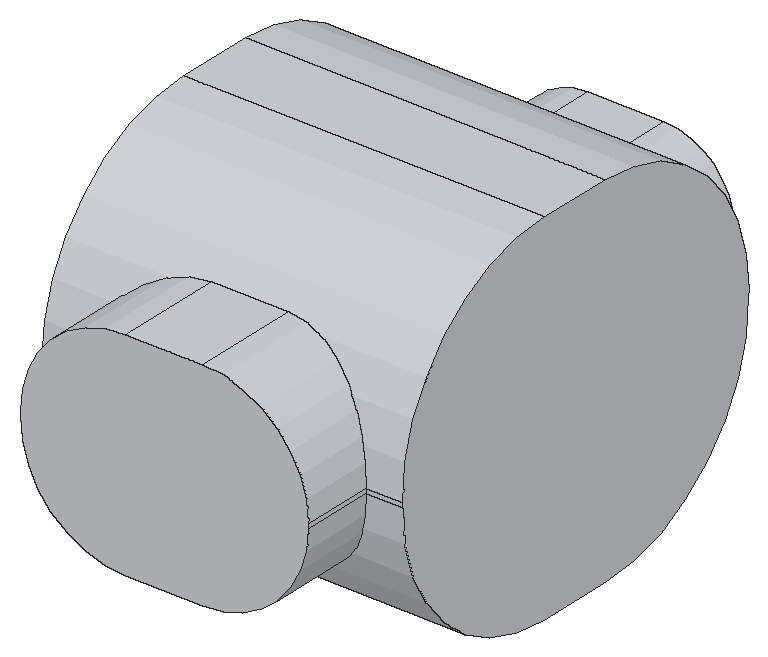
Revit family "椭圆形四通 - 倾斜", category 风管管件, Revit 2020
Family settings
  圆形连接件大小 = 使用直径
  零件类型 = 斜四通
  OmniClass 编号 = 23.75.70.14
  OmniClass 标题 = Air Ductwork
  Seek 项目 ID = Oval Cross - Lateral-0000-CAN-ENU
  基于工作平面 = 否
  总是垂直 = 是
  加载时剪切的空心 = 否
  共享 = 否
Parameters (values of type "标准")
  默认高程 = 0 mm
  宽度 [instance] = if(风管宽度 3 > 风管宽度 4, 风管宽度 3 / 2, 风管宽度 4 / 2)  # 100 mm
  肩部长度 4 [instance] = 50 mm
  肩部长度 3 [instance] = 50 mm
  肩部长度 1 [instance] = 25 mm
  半径 2 [instance] = if(角度 < 90.00°, 0.397 mm, 风管宽度 1 * 2)  # 600 mm
  半径 1 [instance] = if(角度 > 90.00°, 0.397 mm, 风管宽度 1 * 2)  # 600 mm
  长度 7 [instance] = abs(长度 6 - 长度 2)  # 125 mm
  长度 5 [instance] = if(长度 1 > 长度 2, 长度 1, 长度 2)  # 18125 mm
  长度 4 [instance] = 2 * 宽度 / sin(角度) + 肩部长度 1 * 2  # 250 mm
  长度 3 [instance] = if(角度 = 90.00°, 宽度 / sin(角度) + 肩部长度 1, 0.5 * 风管宽度 1 / (tan(角度)) + 宽度 / sin(角度) + 肩部长度 1)  # 125 mm
  长度 6 [instance] = 18000 mm  # constant formula
  长度 2 [instance] = 长度 6 + (长度 3 - 长度 4)  # 17875 mm
  长度 1 [instance] = 长度 3 + 长度 6  # 18125 mm
  支管长度 4 [instance] = if(角度 = 90.00°, 风管宽度 1 / 2 + 肩部长度 4, 风管宽度 1 / (2 * sin(角度)) + 风管宽度 4 / (2 * abs(tan(角度))) + 肩部长度 4)  # 200 mm
  支管长度 3 [instance] = if(角度 = 90.00°, 风管宽度 1 / 2 + 肩部长度 3, 风管宽度 1 / (2 * sin(角度)) + 风管宽度 3 / (2 * abs(tan(角度))) + 肩部长度 3)  # 200 mm
  风管宽度 4 [instance] = 150 mm
  风管宽度 3 [instance] = 200 mm
  风管宽度 1 [instance] = 300 mm
  风管高度 4 [instance] = 100 mm
  风管高度 3 [instance] = 150 mm
  风管高度 1 [instance] = 250 mm
  角度 [instance] = 90.00°
Reference planes
  plane 1 "中心(前/后)": y = 0
  plane 2: z = 0
  plane 3 "中心(左/右)": x = 0
  plane 4: x = -18000
  plane 5: x = 125
  plane 6: x = -125
Forms (mm)
  Sweep 1, solid, detail levels medium+fine
    path origin (0, 0, 0) x (1, 0, 0) y (0, 1, 0)
      loop
        line (-125, 0) -> (125, 0)
    profile "M_风管 - 椭圆形 : 风管 - 椭圆形 1" origin (0, 0, 0) x (0, 1, 0) y (0, 0, 1)
      loop
        line (-150, 1.588) -> (-150, -1.587)
        arc (-150, -1.587) -> (-113.853, -88.853) -> (-26.587, -125) r 123.413
        line (-26.587, -125) -> (26.588, -125)
        arc (26.588, -125) -> (113.853, -88.853) -> (150, -1.587) r 123.413
        line (150, -1.587) -> (150, 1.587)
        arc (150, 1.587) -> (113.853, 88.853) -> (26.588, 125) r 123.413
        line (26.588, 125) -> (-26.588, 125)
        arc (-26.588, 125) -> (-113.853, 88.853) -> (-150, 1.588) r 123.413
  Sweep 2, solid, detail levels medium+fine
    path in 3D
      loop
        line (0, 0, 0) -> (0, -200, 0)
    profile "M_风管 - 椭圆形 : 风管 - 椭圆形 3" origin (0, -100, 0) x (1, 0, 0) y (0, 0, 1)
      loop
        line (-100, 1.588) -> (-100, -1.587)
        arc (-100, -1.587) -> (-78.498, -53.498) -> (-26.587, -75) r 73.413
        line (-26.587, -75) -> (26.588, -75)
        arc (26.588, -75) -> (78.498, -53.498) -> (100, -1.587) r 73.413
        line (100, -1.587) -> (100, 1.587)
        arc (100, 1.587) -> (78.498, 53.498) -> (26.588, 75) r 73.413
        line (26.588, 75) -> (-26.588, 75)
        arc (-26.588, 75) -> (-78.498, 53.498) -> (-100, 1.588) r 73.413
  Sweep 3, solid, detail levels medium+fine
    path in 3D
      loop
        line (0, 0, 0) -> (0, 200, 0)
    profile "M_风管 - 椭圆形 : 风管 - 椭圆形 4" origin (0, 100, 0) x (-1, 0, 0) y (0, 0, 1)
      loop
        line (-75, 1.588) -> (-75, -1.587)
        arc (-75, -1.587) -> (-60.82, -35.82) -> (-26.587, -50) r 48.413
        line (-26.587, -50) -> (26.588, -50)
        arc (26.588, -50) -> (60.82, -35.82) -> (75, -1.587) r 48.413
        line (75, -1.587) -> (75, 1.587)
        arc (75, 1.587) -> (60.82, 35.82) -> (26.588, 50) r 48.413
        line (26.588, 50) -> (-26.587, 50)
        arc (-26.587, 50) -> (-60.82, 35.82) -> (-75, 1.588) r 48.413
  Sweep 4, void
    path in 3D
      loop
        line (-125, 0, 0) -> (-18125, 0, 0)
    profile origin (-9125, 0, 0) x (0, -1, 0) y (0, 0, 1)
      loop
        circle (0, 0) r 600
  Sweep 5, void
    path in 3D
      loop
        line (125, 0, 0) -> (18125, 0, 0)
    profile origin (9125, 0, 0) x (0, 1, 0) y (0, 0, 1)
      loop
        circle (0, 0) r 600
Cuts and joins
  Sweep 4, Sweep 5 cuts Sweep 2
  Sweep 4, Sweep 5 cuts Sweep 3
  joined: Sweep 1, Sweep 2, Sweep 3
Lines and regions (mm)
  model lines, detail levels coarse
    curve 1: line (0, 0, 0) -> (0, -200, 0)
    curve 3: line (0, 0, 0) -> (0, 200, 0)
    curve 5: line (-125, 0, 0) -> (125, 0, 0)
  sketch lines
    curve 2: line (0, 0, 0) -> (0, -200, 0)
    curve 4: line (0, 0, 0) -> (0, 200, 0)
    curve 7: line (-125, 0, 0) -> (-18125, 0, 0)
    curve 9: line (125, 0, 0) -> (18125, 0, 0)
  reference lines
    curve 6: line (-125, 0, 0) -> (-18125, 0, 0)
    curve 8: line (125, 0, 0) -> (18125, 0, 0)
Dimensions and locks
  "支管长度 3": curve 1 to curve 1
  "支管长度 4": curve 3 to curve 3
  "长度 6": plane 4 to plane 3 "中心(左/右)"
  "长度 1": plane 4 to plane 5
  "长度 2": plane 4 to plane 6
  "长度 6": curve 6 to curve 6
  "长度 6": curve 8 to curve 8
  "半径 1": radius of Sweep 4 sketch curve
  "半径 2": radius of Sweep 5 sketch curve
  "角度": angle curve 1 to plane 1 "中心(前/后)"
  "角度": angle plane 1 "中心(前/后)" to curve 3
  aligned and locked: plane 1 "中心(前/后)" to curve 3
  aligned and locked: plane 1 "中心(前/后)" to curve 5
  aligned and locked: plane 5 to curve 5
  aligned and locked: plane 6 to curve 5
  aligned and locked: Sweep 1 sketch curve to curve 5
  aligned and locked: plane 6 to curve 6
  aligned and locked: curve 6 to plane 1 "中心(前/后)"
  aligned and locked: plane 1 "中心(前/后)" to Sweep 4 sketch curve
  aligned and locked: plane 2 to Sweep 4 sketch curve
  aligned and locked: plane 5 to curve 8
  aligned and locked: plane 1 "中心(前/后)" to curve 8
  aligned and locked: plane 2 to Sweep 5 sketch curve
  aligned and locked: plane 1 "中心(前/后)" to Sweep 5 sketch curve
Automatic sketch dimensions
  Sweep 1 sketch curve to plane 6 = 0 mm
  Sweep 1 sketch curve to plane 5 = 0 mm
  curve 3 to plane 3 "中心(左/右)" = 0 mm
Connectors
  hvac at (-125, 0, 0), driven by "风管高度 1", driven by "风管宽度 1"
    settings: on Sweep 1, index 1, duct flow 0.0 L/s, flow factor 0, pres drop 0.0 Pa, loss coef 0, conn angle 0.00°, conn width 300 mm, conn height 250 mm, conn diameter 609.6 mm, duct sys type 28, conn prof type 2, flow config 0, flow direction 0, loss method 0, conn ref index 2, conn util no, is conn primary yes, conn desc ""
  hvac at (125, 0, 0), driven by "风管高度 1", driven by "风管宽度 1"
    settings: on Sweep 1, index 2, duct flow 0.0 L/s, flow factor 0, pres drop 0.0 Pa, loss coef 0, conn angle 0.00°, conn width 300 mm, conn height 250 mm, conn diameter 609.6 mm, duct sys type 28, conn prof type 2, flow config 0, flow direction 0, loss method 0, conn ref index 1, conn util no, is conn primary no, conn desc ""
  hvac at (0, -200, 0), driven by "风管高度 3", driven by "风管宽度 3", driven by "角度"
    settings: on Sweep 2, index 3, duct flow 0.0 L/s, flow factor 0, pres drop 0.0 Pa, loss coef 0, conn angle 90.00°, conn width 200 mm, conn height 150 mm, conn diameter 609.6 mm, duct sys type 28, conn prof type 2, flow config 0, flow direction 0, loss method 0, conn ref index 4, conn util no, is conn primary no, conn desc ""
  hvac at (0, 200, 0), driven by "风管高度 4", driven by "风管宽度 4", driven by "角度"
    settings: on Sweep 3, index 4, duct flow 0.0 L/s, flow factor 0, pres drop 0.0 Pa, loss coef 0, conn angle 90.00°, conn width 150 mm, conn height 100 mm, conn diameter 609.6 mm, duct sys type 28, conn prof type 2, flow config 0, flow direction 0, loss method 0, conn ref index 3, conn util no, is conn primary no, conn desc ""
